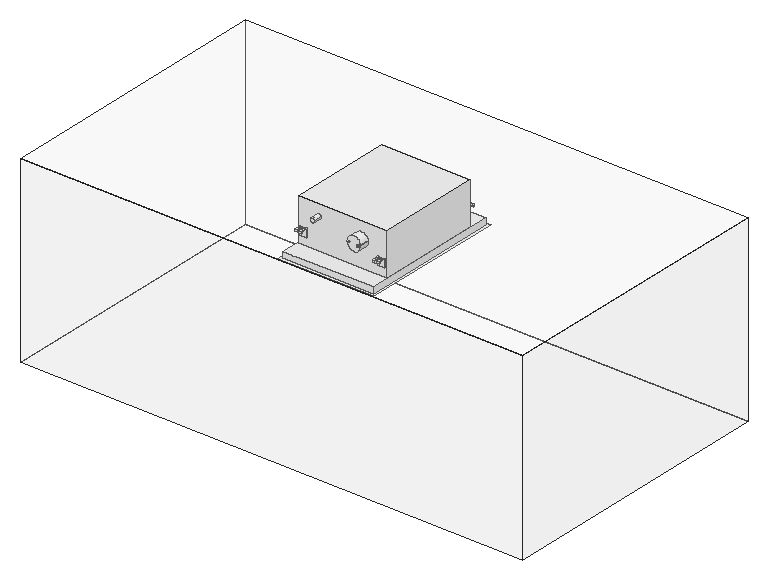
Revit family "pl-rp40_160la21_60Hz", category 機械設備, Revit 2019
Family settings
  丸型コネクタ寸法 = 直径を使用
  パーツ タイプ = 標準
  OmniClass 番号 = 23.75.10.24.21.27.27
  OmniClass タイトル = Split System Air Conditioning Units
  作業面ベース = いいえ
  常に垂直 = はい
  ロード時にボイドで切り取り = いいえ
  共有 = いいえ
  部屋計算ポイント = はい
Parameters (values of type "PL-RP40LA21_60Hz")
  風量（静）（m3／min） = 7
  風量（静） = 風量（静）（m3／min） * 60  # 420
  風量（弱）（m3／min） = 8
  風量（中）（m3／min） = 9
  風量（m3／min） = 10
  風量 = MAX風量  # 600.0 m³/h
  音響パワーレベル（静）(dB) = 49
  音響パワーレベル（弱）(dB) = 50
  音響パワーレベル（中）(dB) = 51
  音響パワーレベル(dB) = 52
  電源種別 = "一般"
  電圧_電気ヒーター = 0 V
  電圧 = 200 V
  電動機出力_送風機 = 0.05 kW
  運転質量 = 0.00 kg
  連動 = ""
  質量 = if(製品質量 > 運転質量, 製品質量, 運転質量) * 1.2  # 25.20 kg
  負荷分類 = 3_ファン類
  説明 = "店舗・事務所用パッケージエアコン（Mr.SLIM）2方向天井カセット形"
  設計暖房能力 = 0 kW
  設計冷房能力_顕熱 = 0 kW
  設計冷房能力 = 0 kW
  設置方法 = "カセット形（2方向吹出形）"
  記号 = ""
  製造元 = "三菱電機株式会社"
  製品質量 = 21.00 kg
  製品出荷対象 = "国内"
  製品リリース年月 = "2025/5/12"
  製品グループ = ""
  系統 = ""
  符号 = "PAC_CK2"
  積算_科目 = "1 空気調和設備"
  積算_拾い区分 = ""
  相_電気ヒーター = 1
  相 = 1
  盤記号 = ""
  発停方法 = ""
  特殊仕様 = ""
  火災停止 = ""
  消費電力_電気ヒーター = 0 kW
  消費電力_暖房 = 0.03 kW
  消費電力_加湿器 = 0 kW
  消費電力_冷房 = 0.03 kW
  消費電力 = if(消費電力_冷房 > 消費電力_暖房, 消費電力_冷房, 消費電力_暖房) + 消費電力_加湿器 + 消費電力_電気ヒーター  # 0.03 kW
  法定耐用年数 = "15"
  機外静圧 = 0.0 Pa
  製造番号 = ""
  極数 = 3
  材質 = "溶融亜鉛メッキ鋼板"
  本体マテリアル = 鋼、ペイント仕上げ、アイボリー、光沢
  有効加湿量 = 0
  暖房能力 = 4 kW
  形式_加湿器 = ""
  形式 = "カセット形（2方向吹出形）"
  幹線記号 = ""
  始動方式 = "直入"
  呼称 = "室内機 2方向天井カセット形"
  周波数 = 60 Hz
  吊り金具_高さ = 190.000 mm
  吊り位置Y = 824.000 mm
  吊り位置X = 574.000 mm
  加湿給水管径 = 0 mm
  分類コード = "50053003123020"
  分類グループ = ""
  冷房能力 = 3.6 kW
  冷媒高低圧ガス管径 = 0 mm
  冷媒管径符号 = "Ac"
  冷媒管径 = 100 mm
  冷媒液管高さ = 122.000 mm
  冷媒液管長さ = 67.000 mm
  冷媒液管径 = 6.35 mm
  冷媒ガス管高さ = 122.000 mm
  冷媒ガス管長さ = 78.000 mm
  冷媒ガス管径 = 12.7 mm
  価格 = 0
  企業コード = "108420"
  付属品_フィルター = ""
  付属品 = ""
  モデル = "PL-RP40LA21"
  ドレン管高さ = 60.000 mm
  ドレン管径 = 32 mm
  サービススペース = yes
  ケーブル種類 = ""
  Width = 650.000 mm
  Version = ""
  Uniclass2015Version = "Systems v1.9"
  Uniclass2015Title = "Split coil remote air cooled condensing units"
  Uniclass2015Code = "Pr_70_65_03_84"
  URL = "https://www.mitsubishielectric.co.jp/ldg/wink/qr/002/338218/"
  SpecificationReference = ""
  SpecificationDescription = ""
  S_H = 0.000 mm
  Revision = ""
  ProductInformation = ""
  OmniClassCode = "23-33 17 31 11"
  MIN風量 = 風量（弱）（m3／min） * 60.0 m³/h  # 480.0 m³/h
  MID風量 = 風量（中）（m3／min） * 60.0 m³/h  # 540.0 m³/h
  MAX風量 = 風量（m3／min） * 60.0 m³/h  # 600.0 m³/h
  IfcTypeProduct = ""
  IfcProduct = ""
  IfcExportType = "AIRCONDITIONINGUNIT"
  IfcExportAs = "IfcUnitaryEquipmentType"
  Height = 355.000 mm
  Depth = 770.000 mm
  Author = "三菱電機株式会社"
Types (10, lengths in mm): name | 風量（静）（m3／min） | 風量（静） | 風量（弱）（m3／min） | 風量（中）（m3／min） | 風量（m3／min） | 風量 | 音響パワーレベル（静）(dB) | 音響パワーレベル（弱）(dB) | 音響パワーレベル（中）(dB) | 音響パワーレベル(dB) | 電動機出力_送風機 | 質量 | 製品質量 | 消費電力_暖房 | 消費電力_冷房 | 消費電力 | 暖房能力 | 吊り金具_高さ | 吊り位置Y | 冷房能力 | 冷媒管径符号 | 冷媒液管高さ | 冷媒液管長さ | 冷媒液管径 | 冷媒ガス管高さ | 冷媒ガス管長さ | 冷媒ガス管径 | モデル | ドレン管高さ | URL | MIN風量 | MID風量 | MAX風量 | Height | Depth
  PL-RP40LA21_60Hz | 7 | 420 | 8 | 9 | 10 | 600.0 m³/h | 49 | 50 | 51 | 52 | 0.05 kW | 25.20 kg | 21.00 kg | 0.03 kW | 0.03 kW | 0.03 kW | 4 kW | 190.000 | 824.000 | 3.6 kW | "Ac" | 122.000 | 67.000 | 6.35 | 122.000 | 78.000 | 12.7 | "PL-RP40LA21" | 60.000 | "https://www.mitsubishielectric.co.jp/ldg/wink/qr/002/338218/" | 480.0 m³/h | 540.0 m³/h | 600.0 m³/h | 355.000 | 770.000
  PL-RP45LA21_60Hz | 8.5 | 510 | 9.5 | 10.5 | 11.5 | 690.0 m³/h | 49 | 50 | 52 | 53 | 0.05 kW | 28.80 kg | 24.00 kg | 0.04 kW | 0.04 kW | 0.04 kW | 4.5 kW | 190.000 | 994.000 | 4 kW | "Ac" | 122.000 | 67.000 | 6.35 | 122.000 | 78.000 | 12.7 | "PL-RP45LA21" | 60.000 | "https://www.mitsubishielectric.co.jp/ldg/wink/qr/002/338219/" | 570.0 m³/h | 630.0 m³/h | 690.0 m³/h | 355.000 | 940.000
  PL-RP50LA21_60Hz | 10 | 600 | 12 | 13 | 14 | 840.0 m³/h | 51 | 54 | 56 | 58 | 0.05 kW | 31.20 kg | 26.00 kg | 0.06 kW | 0.06 kW | 0.06 kW | 5 kW | 190.000 | 994.000 | 4.5 kW | "Ac" | 122.000 | 67.000 | 6.35 | 122.000 | 78.000 | 12.7 | "PL-RP50LA21" | 60.000 | "https://www.mitsubishielectric.co.jp/ldg/wink/qr/002/338221/" | 720.0 m³/h | 780.0 m³/h | 840.0 m³/h | 355.000 | 940.000
  PL-RP56LA21_60Hz | 10 | 600 | 12 | 13 | 14 | 840.0 m³/h | 52 | 54 | 56 | 58 | 0.05 kW | 31.20 kg | 26.00 kg | 0.06 kW | 0.06 kW | 0.06 kW | 5.6 kW | 190.000 | 994.000 | 5 kW | "Ac" | 122.000 | 67.000 | 6.35 | 122.000 | 78.000 | 12.7 | "PL-RP56LA21" | 60.000 | "https://www.mitsubishielectric.co.jp/ldg/wink/qr/002/338222/" | 720.0 m³/h | 780.0 m³/h | 840.0 m³/h | 355.000 | 940.000
  PL-RP63LA21_60Hz | 10 | 600 | 12 | 13 | 14 | 840.0 m³/h | 53 | 54 | 56 | 58 | 0.05 kW | 31.20 kg | 26.00 kg | 0.06 kW | 0.06 kW | 0.06 kW | 6.3 kW | 190.000 | 994.000 | 5.6 kW | "Ac" | 122.000 | 67.000 | 6.35 | 122.000 | 78.000 | 12.7 | "PL-RP63LA21" | 60.000 | "https://www.mitsubishielectric.co.jp/ldg/wink/qr/002/338223/" | 720.0 m³/h | 780.0 m³/h | 840.0 m³/h | 355.000 | 940.000
  PL-RP71LA21_60Hz | 10 | 600 | 12 | 13 | 14 | 840.0 m³/h | 54 | 55 | 56 | 58 | 0.05 kW | 31.20 kg | 26.00 kg | 0.06 kW | 0.06 kW | 0.06 kW | 7 kW | 190.000 | 994.000 | 6.3 kW | "Bd" | 122.000 | 67.000 | 9.52 | 122.000 | 78.000 | 15.88 | "PL-RP71LA21" | 60.000 | "https://www.mitsubishielectric.co.jp/ldg/wink/qr/002/338224/" | 720.0 m³/h | 780.0 m³/h | 840.0 m³/h | 355.000 | 940.000
  PL-RP80LA21_60Hz | 10 | 600 | 12 | 13 | 14 | 840.0 m³/h | 55 | 56 | 57 | 59 | 0.05 kW | 31.20 kg | 26.00 kg | 0.06 kW | 0.06 kW | 0.06 kW | 8 kW | 190.000 | 994.000 | 7.1 kW | "Bd" | 122.000 | 67.000 | 9.52 | 122.000 | 78.000 | 15.88 | "PL-RP80LA21" | 60.000 | "https://www.mitsubishielectric.co.jp/ldg/wink/qr/002/338225/" | 720.0 m³/h | 780.0 m³/h | 840.0 m³/h | 355.000 | 940.000
  PL-RP112LA21_60Hz | 18 | 1080 | 20.5 | 22.5 | 24 | 1440.0 m³/h | 58 | 60 | 61 | 62 | 0.1 kW | 54.00 kg | 45.00 kg | 0.09 kW | 0.09 kW | 0.09 kW | 11.2 kW | 231.000 | 1494.000 | 10 kW | "Bd" | 163.000 | 71.000 | 9.52 | 163.000 | 83.000 | 15.88 | "PL-RP112LA21" | 101.000 | "https://www.mitsubishielectric.co.jp/ldg/wink/qr/002/338226/" | 1230.0 m³/h | 1350.0 m³/h | 1440.0 m³/h | 396.000 | 1440.000
  PL-RP140LA21_60Hz | 20 | 1200 | 24.5 | 27 | 29 | 1740.0 m³/h | 61 | 62 | 65 | 66 | 0.24 kW | 56.40 kg | 47.00 kg | 0.14 kW | 0.14 kW | 0.14 kW | 14 kW | 231.000 | 1494.000 | 12.5 kW | "Bd" | 163.000 | 71.000 | 9.52 | 163.000 | 83.000 | 15.88 | "PL-RP140LA21" | 101.000 | "https://www.mitsubishielectric.co.jp/ldg/wink/qr/002/338227/" | 1470.0 m³/h | 1620.0 m³/h | 1740.0 m³/h | 396.000 | 1440.000
  PL-RP160LA21_60Hz | 20 | 1200 | 24.5 | 27 | 30 | 1800.0 m³/h | 62 | 63 | 66 | 67 | 0.24 kW | 56.40 kg | 47.00 kg | 0.14 kW | 0.14 kW | 0.14 kW | 16 kW | 231.000 | 1494.000 | 14 kW | "Bd" | 163.000 | 71.000 | 9.52 | 163.000 | 83.000 | 15.88 | "PL-RP160LA21" | 101.000 | "https://www.mitsubishielectric.co.jp/ldg/wink/qr/002/338228/" | 1470.0 m³/h | 1620.0 m³/h | 1800.0 m³/h | 396.000 | 1440.000
Reference planes
  plane 1 "中心(正面/背面)": y = 0
  plane 2: z = 0
  plane 3 "中心(左/右)": x = 0
  plane 4 "最外形_1": y = 540
  plane 5 "最外形_2": y = -540
  plane 6 "本体_1": y = 385
  plane 7 "本体_2": y = -385
  plane 8 "吊り位置Y_1": y = 412
  plane 9 "吊り位置Y_2": y = -412
  plane 10 "吊り位置X_2": x = 287
  plane 11 "吊り位置X_1": x = -287
  plane 12 "吊り金具位置": z = 165
  plane 13 "冷媒管_高さ": z = 233
  plane 14 "ガス管_1": y = -463
  plane 15 "液管_1": y = -452
  plane 16 "ガス管_2": x = 173
  plane 17 "液管_2": x = 103
  plane 18 "ドレン配管_高さ": z = 275
  plane 19: x = -175
  plane 20 "ドレン_長さ": y = -442
  plane 21 "サービススペース": z = 345
  plane 22 "点検口範囲_1": y = -340
  plane 23 "点検口範囲_2": y = 310
  plane 24: y = 450
  plane 25: y = 110
  plane 26 "サービススペース_2": x = 1855
  plane 27 "サービススペース_1": x = -1855
  plane 28 "サービススペース_3": y = 1040
  plane 29 "サービススペース_4": y = -1040
  plane 30 "高さ": z = 355
  plane 31 "サービススペース_5": z = -1000
Forms (mm)
  Extrusion 1, solid, detail levels fine
    sketch origin (0, 0, 0) x (0, -1, 0) y (1, 0, 0)
      loop
        line (520, -335) -> (520, 335) -> (-520, 335) -> (-520, -335) -> (520, -335)
    from 0 to 45
  Extrusion 2, solid, detail levels fine
    sketch origin (0, 0, 0) x (0, -1, 0) y (1, 0, 0)
      loop
        line (-385, 325) -> (-385, -325) -> (385, -325) -> (385, 325) -> (-385, 325)
    from 45 to 355
  Extrusion 3, solid, detail levels fine
    sketch origin (0, 0, 0) x (1, 0, 0) y (0, 1, 0)
      loop
        line (355, -540) -> (355, 540) -> (-355, 540) -> (-355, -540) -> (355, -540)
    from -20 to 0
  Sweep 4, void
    path in 3D
      loop
        line (-355, -540, -20) -> (-355, 540, -20) -> (355, 540, -20) -> (355, -540, -20) -> (-355, -540, -20)
    profile origin (0, -540, -20) x (0, 1, 0) y (0, 0, -1)
      loop
        line (0, -20) -> (31.974, 0) -> (0, 0) -> (0, -20)
  Extrusion 5, solid, detail levels fine
    sketch origin (0, 0, 0) x (1, 0, 0) y (0, 0, 1)
      loop
        circle (103, 233) r 3.175
    from 385 to 452
  Extrusion 6, solid, detail levels fine
    sketch origin (0, 0, 0) x (1, 0, 0) y (0, 0, 1)
      loop
        circle (173, 233) r 6.35
    from 385 to 463
  Extrusion 7, solid, detail levels fine
    sketch origin (0, 0, 0) x (1, 0, 0) y (0, 0, 1)
      loop
        circle (138, 233) r 50
    from 385 to 452
  Extrusion 8, solid, detail levels fine
    sketch origin (0, 0, 0) x (1, 0, 0) y (0, 0, 1)
      loop
        circle (-175, 275) r 16
    from 385 to 442
Cuts and joins
  Sweep 4 cuts Extrusion 3
Lines and regions (mm)
  model lines, detail levels fine
    curve 1: line (-240, 435, -20) -> (240, 435, -20)
    curve 2: line (250, 425, -20) -> (250, -425, -20)
    curve 3: line (180, 435, -20) -> (180, -435, -20)
    curve 4: line (-240, -435, -20) -> (240, -435, -20)
    curve 5: line (-250, 425, -20) -> (-250, -425, -20)
    curve 6: line (-180, 435, -20) -> (-180, -435, -20)
    curve 7: arc (240, 435, -20) -> (247.071, 432.071, -20) -> (250, 425, -20) r 10
    curve 8: arc (250, -425, -20) -> (247.071, -432.071, -20) -> (240, -435, -20) r 10
    curve 9: arc (-250, -425, -20) -> (-247.071, -432.071, -20) -> (-240, -435, -20) r 10
    curve 10: arc (-250, 425, -20) -> (-247.071, 432.071, -20) -> (-240, 435, -20) r 10
    curve 11: line (260.1, 424.827, -20) -> (260.1, -424.827, -20)
    curve 12: line (271.273, 436, -20) -> (289.25, 436, -20)
    curve 13: line (312.8, -419.027, -20) -> (312.8, 419.027, -20)
    curve 14: arc (260.1, 424.827, -20) -> (263.372, 432.728, -20) -> (271.273, 436, -20) r 11.173
    curve 15: arc (289.25, 436, -20) -> (303.765, 431.315, -20) -> (312.8, 419.027, -20) r 24.824
    curve 16: line (271.273, -436, -20) -> (289.25, -436, -20)
    curve 17: arc (260.1, -424.827, -20) -> (263.372, -432.728, -20) -> (271.273, -436, -20) r 11.173
    curve 18: arc (289.25, -436, -20) -> (303.765, -431.315, -20) -> (312.8, -419.027, -20) r 24.824
    curve 19: line (-260.1, 424.827, -20) -> (-260.1, -424.827, -20)
    curve 20: line (-271.273, 436, -20) -> (-289.25, 436, -20)
    curve 21: line (-312.8, -419.027, -20) -> (-312.8, 419.027, -20)
    curve 22: arc (-260.1, 424.827, -20) -> (-263.372, 432.728, -20) -> (-271.273, 436, -20) r 11.173
    curve 23: arc (-289.25, 436, -20) -> (-303.765, 431.315, -20) -> (-312.8, 419.027, -20) r 24.824
    curve 24: line (-271.273, -436, -20) -> (-289.25, -436, -20)
    curve 25: arc (-260.1, -424.827, -20) -> (-263.372, -432.728, -20) -> (-271.273, -436, -20) r 11.173
    curve 26: arc (-289.25, -436, -20) -> (-303.765, -431.315, -20) -> (-312.8, -419.027, -20) r 24.824
  sketch lines
    curve 27: line (355, -540, -20) -> (-355, -540, -20)
    curve 28: line (355, 540, -20) -> (355, -540, -20)
    curve 29: line (-355, 540, -20) -> (355, 540, -20)
    curve 30: line (-355, -540, -20) -> (-355, 540, -20)
Dimensions and locks
  locked: cut or joined group of Extrusion 3, Sweep 4 to cut or joined group of Extrusion 3, Sweep 4 at 710
  plane 5 "最外形_2" to plane 4 "最外形_1" = 1080.000 mm
  equal spacing: plane 5 "最外形_2", plane 1 "中心(正面/背面)", plane 4 "最外形_1"
  equal spacing: plane 7 "本体_2", plane 1 "中心(正面/背面)", plane 6 "本体_1"
  "Depth": plane 7 "本体_2" to plane 6 "本体_1"
  equal spacing: plane 9 "吊り位置Y_2", plane 1 "中心(正面/背面)", plane 8 "吊り位置Y_1"
  "吊り位置Y": plane 9 "吊り位置Y_2" to plane 8 "吊り位置Y_1"
  plane 11 "吊り位置X_1" to plane 10 "吊り位置X_2" = 574.000 mm  (x2)
  plane 5 "最外形_2" to plane 7 "本体_2" = 155.000 mm
  locked: plane 6 "本体_1" to plane 4 "最外形_1" at 155
  "冷媒ガス管長さ": plane 14 "ガス管_1" to plane 7 "本体_2"
  "冷媒液管長さ": plane 7 "本体_2" to plane 15 "液管_1"
  locked: plane 20 "ドレン_長さ" to plane 7 "本体_2" at 57
  locked: plane 29 "サービススペース_4" to plane 5 "最外形_2" at 500
  locked: plane 4 "最外形_1" to plane 28 "サービススペース_3" at 500
  "Height": plane 30 "高さ" to level
  "冷媒ガス管高さ": plane 30 "高さ" to plane 13 "冷媒管_高さ"
  "吊り金具_高さ": plane 30 "高さ" to plane 12 "吊り金具位置"
  "冷媒液管径": diameter of Extrusion 5 sketch curve
  "冷媒ガス管径": diameter of Extrusion 6 sketch curve
  diameter of Extrusion 7 sketch curve = 100.000 mm
  diameter of Extrusion 8 sketch curve = 32.000 mm
  aligned and locked: level to plane 2
  aligned and locked: plane 5 "最外形_2" to cut or joined group of Extrusion 3, Sweep 4
  aligned and locked: plane 6 "本体_1" to Extrusion 2
  aligned and locked: nested 4 to plane 6 "本体_1"
  aligned and locked: nested 3 to plane 6 "本体_1"
  aligned and locked: plane 7 "本体_2" to Extrusion 2  (x2)
  aligned and locked: nested 2 to plane 7 "本体_2"
  aligned and locked: nested 1 to plane 7 "本体_2"
  aligned and locked: Extrusion 2 to Extrusion 1
  aligned and locked: plane 8 "吊り位置Y_1" to nested 5
  aligned and locked: nested 5 to plane 8 "吊り位置Y_1"
  aligned and locked: plane 9 "吊り位置Y_2" to nested 5  (x2)
  aligned and locked: nested 5 to plane 10 "吊り位置X_2"
  aligned and locked: plane 11 "吊り位置X_1" to nested 5
  aligned and locked: Extrusion 5 to plane 7 "本体_2"
  aligned and locked: Extrusion 6 to plane 7 "本体_2"
  aligned and locked: Extrusion 6 to plane 14 "ガス管_1"
  aligned and locked: Extrusion 5 to plane 15 "液管_1"
  aligned and locked: Extrusion 7 to Extrusion 2
  aligned and locked: Extrusion 7 to plane 15 "液管_1"
  aligned and locked: Extrusion 8 to Extrusion 2
  aligned and locked: plane 20 "ドレン_長さ" to Extrusion 8
  aligned and locked: Extrusion 2 to plane 6 "本体_1"
  aligned and locked: nested 6 to plane 27 "サービススペース_1"
  aligned and locked: plane 26 "サービススペース_2" to nested 6
  aligned and locked: nested 6 to plane 28 "サービススペース_3"
  aligned and locked: nested 6 to plane 29 "サービススペース_4"
  aligned and locked: plane 30 "高さ" to Extrusion 2
  aligned and locked: nested 1 to plane 12 "吊り金具位置"
  aligned and locked: plane 12 "吊り金具位置" to nested 3
  aligned and locked: nested 2 to plane 12 "吊り金具位置"
  aligned and locked: plane 12 "吊り金具位置" to nested 4
  aligned and locked: plane 30 "高さ" to nested 6
  aligned and locked: nested 6 to plane 31 "サービススペース_5"
Automatic sketch dimensions
  plane 4 "最外形_1" to Extrusion 1 sketch curve = 20.000 mm
  Extrusion 1 sketch curve to plane 5 "最外形_2" = 20.000 mm
  Extrusion 1 sketch curve to plane 3 "中心(左/右)" = 335.000 mm
  plane 3 "中心(左/右)" to Extrusion 1 sketch curve = 335.000 mm
  plane 4 "最外形_1" to Extrusion 2 sketch curve = 155.000 mm
  Extrusion 2 sketch curve to plane 5 "最外形_2" = 155.000 mm
  Extrusion 2 sketch curve to plane 3 "中心(左/右)" = 325.000 mm
  plane 3 "中心(左/右)" to Extrusion 2 sketch curve = 325.000 mm
  plane 4 "最外形_1" to curve 21 = 120.973 mm
  curve 21 to plane 3 "中心(左/右)" = 312.800 mm
  curve 23 to curve 20 = 23.550 mm
  curve 26 to curve 24 = 23.550 mm
  curve 23 to curve 20 = 17.977 mm
  curve 26 to curve 24 = 17.977 mm
  curve 25 to curve 19 = 11.173 mm
  curve 19 to curve 5 = 10.100 mm
  curve 5 to curve 4 = 10.000 mm
  curve 5 to curve 10 = 10.000 mm
  plane 3 "中心(左/右)" to curve 1 = 240.000 mm
  curve 8 to plane 5 "最外形_2" = 115.000 mm
  plane 3 "中心(左/右)" to curve 8 = 240.000 mm
  curve 7 to curve 2 = 10.000 mm
  curve 2 to curve 11 = 10.100 mm
  curve 17 to curve 17 = 11.173 mm
  curve 14 to curve 12 = 11.173 mm
  curve 14 to curve 15 = 17.977 mm
  curve 17 to curve 18 = 17.977 mm
  curve 16 to curve 2 = 11.000 mm
  curve 24 to curve 5 = 11.000 mm
  curve 24 to curve 21 = 16.973 mm
  curve 18 to curve 13 = 16.973 mm
  curve 23 to curve 21 = 7.851 mm
  curve 15 to curve 13 = 7.851 mm
  curve 11 to curve 7 = 0.173 mm
  curve 10 to curve 6 = 60.000 mm
  curve 3 to curve 8 = 60.000 mm
  plane 5 "最外形_2" to Extrusion 3 sketch curve = 0.000 mm
  plane 4 "最外形_1" to Extrusion 3 sketch curve = 0.000 mm
  Extrusion 3 sketch curve to plane 3 "中心(左/右)" = 355.000 mm
  plane 3 "中心(左/右)" to Extrusion 3 sketch curve = 355.000 mm
  Sweep 4 sketch curve to profile plane = 0.000 mm
  profile plane to Sweep 4 sketch curve = 0.000 mm
  Sweep 4 sketch curve to profile plane = 31.974 mm
  Sweep 4 sketch curve to profile plane = 20.000 mm
  Extrusion 7 sketch curve to plane 13 "冷媒管_高さ" = 0.000 mm
  plane 16 "ガス管_2" to Extrusion 7 sketch curve = 35.000 mm
  Extrusion 8 sketch curve to plane 18 "ドレン配管_高さ" = 0.000 mm
  plane 19 to Extrusion 8 sketch curve = 0.000 mm
  plane 8 "吊り位置Y_1" to curve 15 = 0.824 mm
  curve 18 to curve 13 = 23.550 mm
  Extrusion 5 sketch curve to plane 13 "冷媒管_高さ" = 0.000 mm
  plane 17 "液管_2" to Extrusion 5 sketch curve = 0.000 mm
  Extrusion 6 sketch curve to plane 13 "冷媒管_高さ" = 0.000 mm
  plane 16 "ガス管_2" to Extrusion 6 sketch curve = 0.000 mm
Nested families
  nested 1: "LEG1" at (287, -412, 165), type "LEG1", detail levels fine
  nested 2: "LEG1" at (-287, -412, 165), type "LEG1", detail levels fine
  nested 3: "LEG1" at (287, 412, 165), type "LEG1", detail levels fine
  nested 4: "LEG1" at (-287, 412, 165), type "LEG1", detail levels fine
  nested 5: "固定点" at (-287, -412, 0), type "固定点"
    with W 574.000 mm, D 824.000 mm
  nested 6: "サービススペース" at (0, 0, -322.5), type "サービススペース"
    with Width 3710.000 mm, Height 1355.000 mm, Depth 2080.000 mm
Connectors
  electrical at (0, -385, 200), driven by "極数", driven by "負荷分類", driven by "電圧", driven by "消費電力"
    settings: on Extrusion 2, index 4, voltage 200 V, apparent load 30 VA, apparent load phase1 0 VA, apparent load phase2 0 VA, apparent load phase3 0 VA, power factor 1, load classification "3_ファン類", number of poles 3, system type 30, power factor state 1, is connector primary yes, connector utility no, sub classification motor no, connector description ""
  piping at (-175, -442, 275), diameter 32, driven by "ドレン管径"
    settings: on Extrusion 8, index 5, connector inside diameter 609.6 mm, connector length 0.000 mm, flow factor 0, pipe flow 0.0 L/s, pressure drop 0.0 Pa, fitting loss kfactor 0, connector angle 0.00°, fixture units 0, engagement length 0.000 mm, angle of deflection 0.00°, flow configuration 1, flow direction 2, fitting loss method 4, system type 16, joint type 0, gender type 0, connector reference index -1, connector utility 0, adjustable connector no, is connector primary yes, connector description ""
  piping at (138, -452, 233), diameter 100, driven by "冷媒管径符号", driven by "冷媒管径"
    settings: on Extrusion 7, index 6, connector inside diameter 609.6 mm, connector length 0.000 mm, flow factor 0, pipe flow 0.0 L/s, pressure drop 0.0 Pa, fitting loss kfactor 0, connector angle 0.00°, fixture units 0, engagement length 0.000 mm, angle of deflection 0.00°, flow configuration 1, flow direction 1, fitting loss method 4, system type 7, joint type 0, gender type 0, connector reference index -1, connector utility 0, adjustable connector no, is connector primary no, connector description "Ac"
Definition of nested family "LEG1"
  Parameters (values of type "LEG1")
    product distance = 27.000 mm
  Reference planes
    plane 1 "中心(正面/背面)": y = 0
    plane 2: z = 0
    plane 3 "中心(左/右)": x = 0
    plane 4: x = -25
    plane 5: x = 25
    plane 6: y = -23
    plane 7: y = 27
    plane 8: x = -8
    plane 9: x = 8
    plane 10: x = -6
    plane 11: x = 6
    plane 12: y = 24.7
  Forms (mm)
    Extrusion 1, solid, detail levels fine
      sketch origin (0, 0, 0) x (1, 0, 0) y (0, 1, 0)
        loop
          line (-25, 27) -> (-25, -23) -> (25, -23) -> (25, 27) -> (-25, 27)
      from 0 to -60
    Extrusion 2, void, detail levels fine
      sketch origin (0, 0, 0) x (0, 1, 0) y (0, 0, 1)
        loop
          line (-20.7, -2.3) -> (-20.7, -15) -> (-23, -15) -> (-23, -60) -> (24.7, -60) -> (24.7, -2.3) -> (-20.7, -2.3)
      from -25 to 25
    Extrusion 3, void, detail levels fine
      sketch origin (0, 0, 0) x (1, 0, 0) y (0, 1, 0)
        loop
          arc (-8, 7) -> (-15, 0) -> (-8, -7) r 7
          line (-8, -7) -> (-6, -7) -> (-6, -23) -> (6, -23) -> (6, -7) -> (8, -7)
          arc (8, -7) -> (15, 0) -> (8, 7) r 7
          line (8, 7) -> (-8, 7)
      from 0 to -60
  Cuts and joins
    Extrusion 2, Extrusion 3 cuts Extrusion 1
  Dimensions and locks
    locked: Extrusion 1 sketch curve to Extrusion 1 sketch curve at 50
    equal spacing: Extrusion 1 sketch curve, plane 3 "中心(左/右)", Extrusion 1 sketch curve
    locked: plane 6 to plane 1 "中心(正面/背面)" at 23
    "product distance": plane 1 "中心(正面/背面)" to plane 7
    plane 7 to Extrusion 2 sketch curve = 2.300 mm
    locked: cut or joined group of Extrusion 1, Extrusion 2, Extrusion 3 to cut or joined group of Extrusion 1, Extrusion 2, Extrusion 3 at 2.3  (x2)
    cut or joined group of Extrusion 1, Extrusion 2, Extrusion 3 to cut or joined group of Extrusion 1, Extrusion 2, Extrusion 3 = 50.000 mm
    aligned and locked: level to plane 2
    aligned and locked: Extrusion 2 sketch curve to cut or joined group of Extrusion 1, Extrusion 2, Extrusion 3  (x2)
    aligned and locked: cut or joined group of Extrusion 1, Extrusion 2, Extrusion 3 to Extrusion 3 sketch curve
    aligned and locked: plane 6 to Extrusion 1 sketch curve
    aligned and locked: Extrusion 1 sketch curve to plane 7
  Automatic sketch dimensions
    Extrusion 2 sketch curve to plane 6 = 2.300 mm
    Extrusion 2 sketch curve to level = 15.000 mm
    Extrusion 2 sketch curve to level = 2.300 mm
    plane 1 "中心(正面/背面)" to Extrusion 3 sketch curve = 0.000 mm  (x2)
    Extrusion 3 sketch curve to plane 8 = 0.000 mm
    Extrusion 3 sketch curve to plane 10 = 0.000 mm
    Extrusion 3 sketch curve to plane 11 = 0.000 mm
    Extrusion 3 sketch curve to plane 9 = 0.000 mm  (x2)
    plane 1 "中心(正面/背面)" to Extrusion 3 sketch curve = 7.000 mm
Definition of nested family "サービススペース"
  Parameters (values of type "サービススペース")
    Width [instance] = 500.000 mm
    Height [instance] = 500.000 mm
    Depth [instance] = 500.000 mm
  Reference planes
    plane 1 "中心(正面/背面)": y = 0
    plane 2: z = 0
    plane 3 "中心(左/右)": x = 0
    plane 4: y = -250
    plane 5: x = 250
    plane 6: y = 250
    plane 7: x = -250
    plane 8: z = 250
    plane 9: z = -250
  Forms (mm)
    Extrusion 1, solid
      sketch origin (-638.939, 0, 72.39) x (1, 0, 0) y (0, 1, 0)
        loop
          line (388.939, 250) -> (388.939, -250) -> (888.939, -250) -> (888.939, 250) -> (388.939, 250)
      from -322.39 to 177.61
  Lines and regions (mm)
    symbolic lines
      curve 1: line (-250, 0, 250) -> (250, 0, 250)
      curve 2: line (-250, 0, -250) -> (-250, 0, 250)
      curve 3: line (250, 0, -250) -> (-250, 0, -250)
      curve 4: line (250, 0, 250) -> (250, 0, -250)
      curve 5: line (0, -250, 250) -> (0, 250, 250)
      curve 6: line (0, -250, -250) -> (0, -250, 250)
      curve 7: line (0, 250, -250) -> (0, -250, -250)
      curve 8: line (0, 250, 250) -> (0, 250, -250)
      curve 9: line (-250, 250, 0) -> (250, 250, 0)
      curve 10: line (-250, -250, 0) -> (-250, 250, 0)
      curve 11: line (250, -250, 0) -> (-250, -250, 0)
      curve 12: line (250, 250, 0) -> (250, -250, 0)
  Dimensions and locks
    equal spacing: plane 7, plane 3 "中心(左/右)", plane 5
    equal spacing: plane 4, plane 1 "中心(正面/背面)", plane 6
    "Depth": plane 4 to plane 6
    "Width": plane 7 to plane 5
    equal spacing: plane 8, plane 2, plane 9
    "Height": plane 8 to plane 9
    aligned and locked: plane 9 to curve 3
    aligned and locked: plane 7 to curve 2
    aligned and locked: curve 4 to plane 5
    aligned and locked: plane 5 to Extrusion 1
    aligned and locked: Extrusion 1 to plane 7
    aligned and locked: Extrusion 1 to plane 9
    aligned and locked: plane 8 to Extrusion 1
    aligned and locked: plane 9 to curve 7
  Automatic sketch dimensions
    plane 4 to Extrusion 1 sketch curve = 0.000 mm
    Extrusion 1 sketch curve to plane 7 = 0.000 mm
    Extrusion 1 sketch curve to plane 5 = 0.000 mm
    plane 6 to Extrusion 1 sketch curve = 0.000 mm
    curve 2 to plane 8 = 0.000 mm
    plane 4 to curve 11 = 0.000 mm
    curve 11 to plane 7 = 0.000 mm
    curve 11 to plane 5 = 0.000 mm
    plane 6 to curve 10 = 0.000 mm
    curve 7 to plane 4 = 0.000 mm
    curve 7 to plane 6 = 0.000 mm
    curve 6 to plane 8 = 0.000 mm
Definition of nested family "固定点"
  Parameters (values of type "固定点")
    中心円 = 20.000 mm
    W [instance] = 574.000 mm
    D [instance] = 824.000 mm
  Reference planes
    plane 1 "中心(正面/背面)": y = 0
    plane 2: z = 0
    plane 3 "中心(左/右)": x = 0
    plane 4: x = 574
    plane 5: y = 824
  Lines and regions (mm)
    symbolic lines, detail levels fine
      curve 1: circle (0, 824, 0) r 10 normal (0, 0, 1)
      curve 2: circle (0, 0, 0) r 10 normal (0, 0, 1)
      curve 3: circle (574, 824, 0) r 10 normal (0, 0, 1)
      curve 4: circle (574, 0, 0) r 10 normal (0, 0, 1)
      curve 5: line (-200, 824, 0) -> (774, 824, 0)
      curve 6: line (-200, 0, 0) -> (774, 0, 0)
      curve 7: line (0, 1024, 0) -> (0, -200, 0)
      curve 8: line (574, 1024, 0) -> (574, -200, 0)
  Dimensions and locks
    "W": plane 3 "中心(左/右)" to plane 4
    "D": plane 1 "中心(正面/背面)" to plane 5
    "中心円": diameter of curve 1
    "中心円": diameter of curve 2
    "中心円": diameter of curve 3
    "中心円": diameter of curve 4
    aligned and locked: level to plane 2
    aligned and locked: plane 5 to curve 1
    aligned and locked: plane 3 "中心(左/右)" to curve 1
    aligned and locked: plane 3 "中心(左/右)" to curve 2
    aligned and locked: plane 1 "中心(正面/背面)" to curve 2
    aligned and locked: plane 4 to curve 3
    aligned and locked: plane 5 to curve 3
    aligned and locked: plane 1 "中心(正面/背面)" to curve 4
    aligned and locked: plane 4 to curve 4
    aligned and locked: plane 1 "中心(正面/背面)" to curve 6
    aligned and locked: curve 7 to plane 3 "中心(左/右)"
    aligned and locked: curve 8 to plane 4
  Automatic sketch dimensions
    curve 5 to plane 5 = 0.000 mm
    curve 6 to plane 3 "中心(左/右)" = 200.000 mm
    curve 5 to plane 3 "中心(左/右)" = 200.000 mm
    curve 4 to curve 6 = 200.000 mm
    curve 3 to curve 5 = 200.000 mm
    plane 1 "中心(正面/背面)" to curve 8 = 200.000 mm
    plane 1 "中心(正面/背面)" to curve 7 = 200.000 mm
    curve 3 to curve 8 = 200.000 mm
    curve 1 to curve 7 = 200.000 mm
